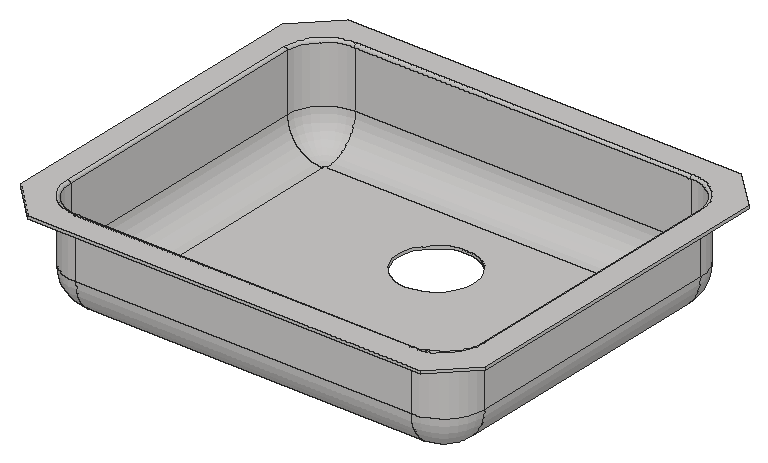
Revit family "Sink-Undermount-ADA-Acorn-SUADA-1916_Series", category Plumbing Fixtures, host Face, Revit 2019
Family settings
  Host = Face
  Round Connector Dimension = Use Diameter
  Part Type = Normal
  OmniClass Number = 23.45.05.14.14
  OmniClass Title = Sinks/Lavatories
  Cut with Voids When Loaded = No
  Shared = Yes
  Room Calculation Point = No
Parameters (values of type "SUADA-1916-45")
  cUPC Compliant = yes
  Width = 21 1/2"  # constant formula
  Waste Connection = no
  WFU = 4  # constant formula
  Vent Connection = no
  URL = "https://www.acorneng.com/home"
  Type Comments = ""
  Product Page URL = "https://www.acorneng.com/acorn-sinks-ada-undermount-suada-1916"
  Product Documentation Link = "https://www.acorneng.com/uploads/fileLibrary/SUADA-1916_pkt.pdf"
  Model = "SUADA-1916-45"
  Manufacturer = "Acorn"
  Length = 18 1/2"  # constant formula
  Countertop Thickness = 1/2"
  ADA Compliant = yes
  -55 5-1/2” Deep Bowl = not([-45 4-1/2” Deep Bowl])  # no
  -45 4-1/2” Deep Bowl = yes
  Installation Type = "Undermount"  # constant formula
  HWFU = 3  # constant formula
  HW Connection = no
  Finish = Stainless Steel-18 Gauge-Type 304-Acorn-Satin
  Drain Size = 3 1/2"  # constant formula
  Description = "Acorn-Sinks® Stainless Steel ADA Undermount Sink, 19\" x 16\""
  Default Elevation = 34"
  Creation Date = "11/14/2024"
  Compliance Certifications = "ASME A112.19.3/CSA B45.4, IAPMO® Certified for Conformance with Uniform Plumbing Code (UPC ), International Plumbing Code (IPC ), National Plumbing Code of Canada (NPC )"
  CWFU = 3  # constant formula
  CW Connection = no
  Sink Bowl Width = 19"  # constant formula
  Sink Bowl Length = 16"  # constant formula
  Sink Bowl Depth = if([-45 4-1/2” Deep Bowl], 4 1/2", 5 1/2")  # 4 1/2"
  Assembly Code = "D2010440"
Types (3): name | Model | -55 5-1/2” Deep Bowl | -45 4-1/2” Deep Bowl | Sink Bowl Depth
  (no name) | "SUADA-1916-45" | no | yes | 4 1/2"
  SUADA-1916-45 | "SUADA-1916-45" | no | yes | 4 1/2"
  SUADA-1916-55 | "SUADA-1916-55" | yes | no | 5 1/2"
Reference planes (in)
  plane 1 "Center (Front/Back)": y = 0
  plane 2 "Counter": z = 0
  plane 3 "Center (Left/Right)": x = 0
  plane 4: x = -10.75
  plane 5: x = 10.75
  plane 6: y = -18.5
  plane 7: y = -1.25
  plane 8: z = -5
  plane 9: y = -17.25
  plane 10: y = -6.25
  plane 11: x = -9.5
  plane 12: x = 9.5
  plane 13: y = -17.75
  plane 14 "Sink": z = -0.5
  plane 15: x = -10
Forms (in)
  Extrusion 1, solid, material "Stainless Steel-18 Gauge-Type 304-Acorn-Satin" <- "Finish"
    sketch origin (0, 0, -1.625) x (-1, 0, 0) y (0, -1, 0)
      loop
        line (9.07583, 18.5) -> (-9.07583, 18.5) -> (-10.75, 16.82583) -> (-10.75, 1.67417) -> (-9.07583, 0) -> (9.07583, 0) -> (10.75, 1.67417) -> (10.75, 16.82583) -> (9.07583, 18.5)
      loop
        arc (-9.75, 3) -> (-9.16421, 1.58579) -> (-7.75, 1) r 2
        line (-7.75, 1) -> (7.75, 1)
        arc (7.75, 1) -> (9.16421, 1.58579) -> (9.75, 3) r 2
        line (9.75, 3) -> (9.75, 15.5)
        arc (9.75, 15.5) -> (9.16421, 16.91421) -> (7.75, 17.5) r 2
        line (7.75, 17.5) -> (-7.75, 17.5)
        arc (-7.75, 17.5) -> (-9.16421, 16.91421) -> (-9.75, 15.5) r 2
        line (-9.75, 15.5) -> (-9.75, 3)
    from 1.125 to 1
  Sweep 2, solid, material "Stainless Steel-18 Gauge-Type 304-Acorn-Satin" <- "Finish"
    path origin (0, 0, -0.5) x (-1, 0, 0) y (0, -1, 0)
      loop
        line (7.75, 17.25) -> (-7.75, 17.25)
        arc (-7.75, 17.25) -> (-8.98744, 16.73744) -> (-9.5, 15.5) r 1.75
        line (-9.5, 15.5) -> (-9.5, 3)
        arc (-9.5, 3) -> (-8.98744, 1.76256) -> (-7.75, 1.25) r 1.75
        line (-7.75, 1.25) -> (7.75, 1.25)
        arc (7.75, 1.25) -> (8.98744, 1.76256) -> (9.5, 3) r 1.75
        line (9.5, 3) -> (9.5, 15.5)
        arc (9.5, 15.5) -> (8.98744, 16.73744) -> (7.75, 17.25) r 1.75
    profile origin (0, -17.25, -0.5) x (0, 1, 0) y (0, 0, 1)
      loop
        line (-0.125, 0) -> (-0.25, 0) -> (-0.25, -0.125) -> (-0.125, -0.125) -> (-0.125, -2.75)
        arc (-0.125, -2.75) -> (0.38756, -3.98744) -> (1.625, -4.5) r 1.75
        line (1.625, -4.5) -> (1.65625, -4.5) -> (1.65625, -4.375) -> (1.625, -4.375)
        arc (1.625, -4.375) -> (0.47595, -3.89905) -> (0, -2.75) r 1.625
        line (0, -2.75) -> (0, -0.125)
        arc (0, -0.125) -> (-0.03661, -0.03661) -> (-0.125, 0) r 0.125
  Extrusion 3, solid, material "Stainless Steel-18 Gauge-Type 304-Acorn-Satin" <- "Finish"
    sketch origin (-7.75, -15.59375, -5) x (0, -1, 0) y (-1, 0, 0)
      loop
        arc (-0.09375, -15.59375) -> (-0.02746, -15.56629) -> (0, -15.5) r 0.09375
        line (0, -15.5) -> (0, 0)
        arc (0, 0) -> (-0.02746, 0.06629) -> (-0.09375, 0.09375) r 0.09375
        line (-0.09375, 0.09375) -> (-12.59375, 0.09375)
        arc (-12.59375, 0.09375) -> (-12.66004, 0.06629) -> (-12.6875, 0) r 0.09375
        line (-12.6875, 0) -> (-12.6875, -15.5)
        arc (-12.6875, -15.5) -> (-12.66004, -15.56629) -> (-12.59375, -15.59375) r 0.09375
        line (-12.59375, -15.59375) -> (-0.09375, -15.59375)
      loop
        circle (-9.34375, -7.75) r 1.75
    from -0.125 to 0
  Extrusion 4, void
    sketch origin (0, 0, -0.5) x (-1, 0, 0) y (0, -1, 0)
      loop
        line (10, 3) -> (10, 15.5)
        arc (10, 15.5) -> (9.34099, 17.09099) -> (7.75, 17.75) r 2.25
        line (7.75, 17.75) -> (-7.75, 17.75)
        arc (-7.75, 17.75) -> (-9.34099, 17.09099) -> (-10, 15.5) r 2.25
        line (-10, 15.5) -> (-10, 3)
        arc (-10, 3) -> (-9.34099, 1.40901) -> (-7.75, 0.75) r 2.25
        line (-7.75, 0.75) -> (7.75, 0.75)
        arc (7.75, 0.75) -> (9.34099, 1.40901) -> (10, 3) r 2.25
    from -4.5 to 0.5
Cuts and joins
  joined: Extrusion 1, Sweep 2, Extrusion 3
Dimensions and locks (in)
  equal spacing: plane 4, plane 3 "Center (Left/Right)", plane 5
  "Length": plane 6 to plane 1 "Center (Front/Back)"
  plane 7 to plane 10 = 5"
  equal spacing: plane 11, plane 3 "Center (Left/Right)", plane 12
  "Sink Bowl Length": plane 7 to plane 9
  "Width": plane 4 to plane 5
  "Sink Bowl Width": plane 11 to plane 12
  equal spacing: Extrusion 3 sketch curve, Extrusion 3 sketch curve, Extrusion 3 sketch curve
  locked: Sweep 2 sketch curve to Sweep 2 sketch curve at 0.125
  "Sink Bowl Depth": plane 14 "Sink" to plane 8
  "Countertop Thickness": level to plane 14 "Sink"
  locked: cut or joined group of Extrusion 1, Sweep 2, Extrusion 3 to cut or joined group of Extrusion 1, Sweep 2, Extrusion 3 at 0.125
  plane 9 to plane 13 = 1/2"
  plane 15 to plane 11 = 1/2"
  locked: Extrusion 3 sketch curve to Extrusion 3 sketch curve (diameter 3 1/2")
  radius of Sweep 2 sketch curve = 1 3/4"  (x4)
  diameter of cut or joined group of Extrusion 1, Sweep 2, Extrusion 3 = 3 1/2"
  aligned and locked: host face to plane 2 "Counter"
  aligned and locked: host face to level
  aligned and locked: plane 6 to Extrusion 1 sketch curve
  aligned and locked: plane 4 to Extrusion 1 sketch curve
  aligned and locked: plane 1 "Center (Front/Back)" to Extrusion 1 sketch curve
  aligned and locked: Extrusion 1 sketch curve to plane 5
  aligned and locked: Extrusion 3 sketch curve to Sweep 2  (x2)
  aligned and locked: Extrusion 3 to Sweep 2
  aligned and locked: Sweep 2 sketch curve to plane 11
  aligned and locked: plane 12 to Sweep 2 sketch curve
  aligned and locked: Extrusion 1 sketch curve to Sweep 2  (x4)
  aligned and locked: Sweep 2 sketch curve to plane 14 "Sink"
  aligned and locked: Sweep 2 sketch curve to plane 8
  aligned and locked: cut or joined group of Extrusion 1, Sweep 2, Extrusion 3 to plane 14 "Sink"
  aligned and locked: level to Extrusion 4
  aligned and locked: Extrusion 4 to plane 8
Automatic sketch dimensions
  host sketch curve to host sketch curve = 161.60125"
  host sketch curve to host sketch curve = 96"
  Sweep 2 sketch curve to Sweep 2 sketch curve = 0"  (x4)
  Sweep 2 sketch curve to profile plane = 0"
  Sweep 2 sketch curve to Sweep 2 sketch curve = 1/8"
  Sweep 2 sketch curve to profile plane = 1 5/8"
  Sweep 2 sketch curve to Sweep 2 sketch curve = 1/32"
  Extrusion 3 sketch curve to plane 3 "Center (Left/Right)" = 0"
  Extrusion 3 sketch curve to plane 10 = 0"
  Extrusion 3 sketch curve to Extrusion 3 sketch curve = 3/32"  (x2)
  Sweep 2 sketch curve to plane 7 = 0"
  Sweep 2 sketch curve to plane 9 = 0"
  plane 12 to Extrusion 1 sketch curve = 0.42417"  (x2)
  plane 11 to Extrusion 1 sketch curve = 0.42417"  (x2)
  Extrusion 1 sketch curve to plane 7 = 0.42417"  (x2)
  plane 9 to Extrusion 1 sketch curve = 0.42417"  (x2)
  Extrusion 4 sketch curve to plane 12 = 1/2"
  Extrusion 4 sketch curve to Extrusion 4 sketch curve = 2 1/4"  (x2)
  plane 11 to Extrusion 4 sketch curve = 1 3/4"  (x2)
  plane 7 to Extrusion 4 sketch curve = 1/2"
  Extrusion 4 sketch curve to plane 15 = 0"
  Extrusion 4 sketch curve to plane 13 = 0"
